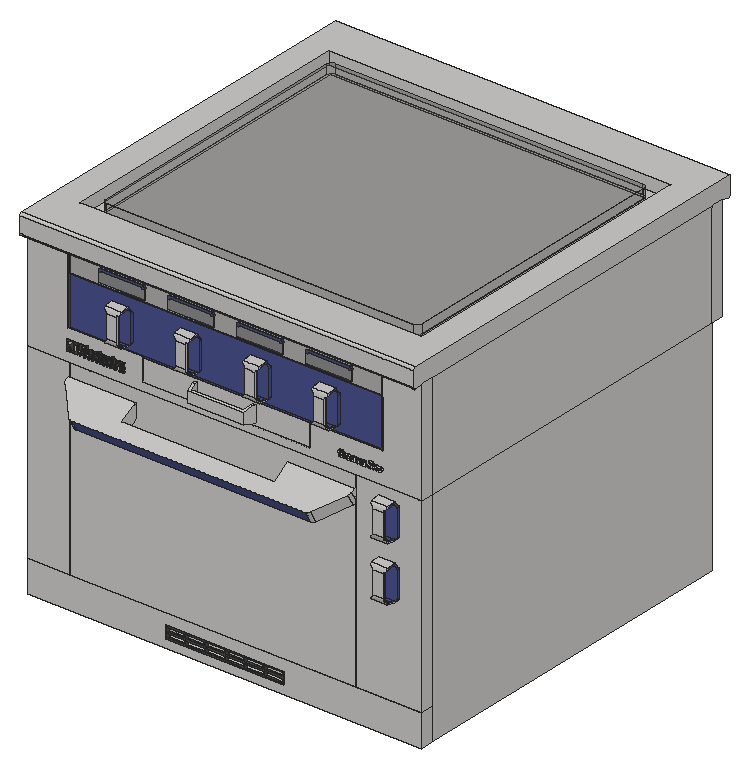
Revit family "QF_ELECTROLUXPROFESSIONAL_588414_MALMEAH8AO", category Attrezzature speciali, Revit 2020 (continued)
Definition of nested family "Front_Panel_W800_Four Knobs"
  Definition of nested family "ELX_Professional_Logo_Small"
    Forms (mm)
      Extrusion 2, solid, material <- "Material_Logo"
        sketch origin (15.5, 0, 0) x (1, 0, 0) y (0, 1, 0)
          loop
            spline (-26.936, -1.713) -> (-27.384, -1.691) -> (-27.805, -1.625) -> (-28.196, -1.518) -> (-28.556, -1.372) -> (-28.882, -1.187) -> (-29.174, -0.966) -> (-29.429, -0.71) -> (-29.645, -0.422) -> (-29.821, -0.102) -> (-29.955, 0.247) -> (-30.045, 0.623) -> (-30.089, 1.026)
            line (-30.089, 1.026) -> (-21.956, 1.026) -> (-21.915, 1.897)
          loop
            spline (-24.446, 2.769) -> (-24.47, 3.075) -> (-24.54, 3.37) -> (-24.654, 3.65) -> (-24.807, 3.913) -> (-24.996, 4.156) -> (-25.219, 4.376) -> (-25.472, 4.57) -> (-25.753, 4.736) -> (-26.057, 4.869) -> (-26.382, 4.968) -> (-26.724, 5.03) -> (-27.081, 5.051)
            spline (-27.081, 5.051) -> (-27.464, 5.03) -> (-27.832, 4.97) -> (-28.183, 4.872) -> (-28.513, 4.74) -> (-28.819, 4.577) -> (-29.099, 4.384) -> (-29.347, 4.165) -> (-29.563, 3.923) -> (-29.742, 3.659) -> (-29.881, 3.377) -> (-29.977, 3.079) -> (-30.027, 2.769)
            line (-30.027, 2.769) -> (-24.446, 2.769)
          loop
            spline (-18.167, 1.669) -> (-18.138, 2.13) -> (-18.055, 2.567) -> (-17.921, 2.978) -> (-17.739, 3.358) -> (-17.512, 3.705) -> (-17.243, 4.016) -> (-16.937, 4.287) -> (-16.596, 4.517) -> (-16.223, 4.7) -> (-15.823, 4.835) -> (-15.398, 4.919) -> (-14.951, 4.947)
            spline (-14.951, 4.947) -> (-14.677, 4.938) -> (-14.414, 4.913) -> (-14.162, 4.871) -> (-13.921, 4.812) -> (-13.69, 4.738) -> (-13.467, 4.649) -> (-13.254, 4.544) -> (-13.048, 4.424) -> (-12.85, 4.291) -> (-12.659, 4.143) -> (-12.474, 3.981) -> (-12.295, 3.806)
            line (-12.295, 3.806) -> (-10.76, 5.403)
            spline (-10.76, 5.403) -> (-11.065, 5.709) -> (-11.38, 5.984) -> (-11.703, 6.228) -> (-12.035, 6.443) -> (-12.375, 6.63) -> (-12.723, 6.788) -> (-13.078, 6.92) -> (-13.44, 7.026) -> (-13.809, 7.107) -> (-14.184, 7.164) -> (-14.564, 7.198) -> (-14.951, 7.209)
            spline (-14.951, 7.209) -> (-15.725, 7.161) -> (-16.467, 7.02) -> (-17.169, 6.792) -> (-17.826, 6.482) -> (-18.43, 6.096) -> (-18.976, 5.637) -> (-19.455, 5.112) -> (-19.862, 4.525) -> (-20.19, 3.882) -> (-20.433, 3.189) -> (-20.584, 2.449) -> (-20.635, 1.669)
            spline (-20.635, 1.669) -> (-20.584, 0.889) -> (-20.433, 0.149) -> (-20.19, -0.545) -> (-19.862, -1.187) -> (-19.455, -1.774) -> (-18.976, -2.299) -> (-18.43, -2.758) -> (-17.826, -3.145) -> (-17.169, -3.454) -> (-16.467, -3.682) -> (-15.725, -3.823) -> (-14.951, -3.871)
            spline (-14.951, -3.871) -> (-14.564, -3.86) -> (-14.184, -3.826) -> (-13.809, -3.77) -> (-13.44, -3.689) -> (-13.078, -3.583) -> (-12.723, -3.451) -> (-12.375, -3.292) -> (-12.035, -3.105) -> (-11.703, -2.89) -> (-11.38, -2.646) -> (-11.065, -2.371) -> (-10.76, -2.066)
            line (-10.76, -2.066) -> (-12.295, -0.468)
            spline (-12.295, -0.468) -> (-12.474, -0.643) -> (-12.659, -0.805) -> (-12.85, -0.953) -> (-13.048, -1.087) -> (-13.254, -1.206) -> (-13.467, -1.311) -> (-13.69, -1.4) -> (-13.921, -1.475) -> (-14.162, -1.533) -> (-14.414, -1.575) -> (-14.677, -1.6) -> (-14.951, -1.609)
            spline (-14.951, -1.609) -> (-15.398, -1.581) -> (-15.823, -1.497) -> (-16.223, -1.362) -> (-16.596, -1.179) -> (-16.937, -0.95) -> (-17.243, -0.678) -> (-17.512, -0.367) -> (-17.739, -0.02) -> (-17.921, 0.36) -> (-18.055, 0.771) -> (-18.138, 1.208) -> (-18.167, 1.669)
          loop
            spline (-4.441, -1.243) -> (-4.659, -1.247) -> (-4.894, -1.23) -> (-5.137, -1.19) -> (-5.384, -1.121) -> (-5.628, -1.021) -> (-5.864, -0.884) -> (-6.084, -0.708) -> (-6.283, -0.488) -> (-6.454, -0.219) -> (-6.592, 0.101) -> (-6.69, 0.478) -> (-6.742, 0.914)
            line (-6.742, 0.914) -> (-6.742, 4.587) -> (-4.487, 4.587) -> (-4.487, 6.838) -> (-6.738, 6.838) -> (-6.738, 10.824) -> (-9.217, 10.824) -> (-9.217, 0.773)
            spline (-9.217, 0.773) -> (-9.164, 0.19) -> (-9.068, -0.358) -> (-8.928, -0.87) -> (-8.742, -1.343) -> (-8.511, -1.777) -> (-8.232, -2.168) -> (-7.904, -2.515) -> (-7.527, -2.816) -> (-7.098, -3.069) -> (-6.618, -3.273) -> (-6.084, -3.426) -> (-5.496, -3.525)
            line (-5.496, -3.525) -> (-4.45, -3.573) -> (-4.441, -1.243)
          loop
            spline (3.898, 6.983) -> (3.469, 7.009) -> (3.056, 7.001) -> (2.661, 6.961) -> (2.283, 6.888) -> (1.925, 6.785) -> (1.588, 6.652) -> (1.272, 6.49) -> (0.979, 6.301) -> (0.71, 6.085) -> (0.465, 5.844) -> (0.247, 5.578) -> (0.056, 5.289)
            line (0.056, 5.289) -> (0.056, 6.838) -> (-2.402, 6.838) -> (-2.402, -3.572) -> (0.056, -3.572) -> (0.056, 1.901)
            spline (0.056, 1.901) -> (0.079, 2.316) -> (0.145, 2.703) -> (0.254, 3.06) -> (0.404, 3.386) -> (0.592, 3.679) -> (0.818, 3.938) -> (1.08, 4.162) -> (1.375, 4.348) -> (1.703, 4.495) -> (2.062, 4.602) -> (2.45, 4.668) -> (2.865, 4.69)
            line (2.865, 4.69) -> (3.898, 4.586) -> (3.898, 6.983)
          loop
            spline (15.638, 1.633) -> (15.586, 2.396) -> (15.435, 3.124) -> (15.192, 3.81) -> (14.863, 4.449) -> (14.455, 5.034) -> (13.975, 5.56) -> (13.43, 6.021) -> (12.826, 6.411) -> (12.17, 6.724) -> (11.469, 6.955) -> (10.729, 7.098) -> (9.958, 7.147)
            spline (9.958, 7.147) -> (9.182, 7.098) -> (8.44, 6.955) -> (7.737, 6.724) -> (7.081, 6.411) -> (6.477, 6.021) -> (5.933, 5.56) -> (5.454, 5.034) -> (5.048, 4.449) -> (4.721, 3.81) -> (4.479, 3.124) -> (4.329, 2.396) -> (4.277, 1.633)
            spline (4.277, 1.633) -> (4.329, 0.869) -> (4.479, 0.141) -> (4.721, -0.544) -> (5.048, -1.183) -> (5.454, -1.768) -> (5.933, -2.294) -> (6.477, -2.755) -> (7.081, -3.145) -> (7.737, -3.459) -> (8.44, -3.69) -> (9.182, -3.833) -> (9.958, -3.882)
            spline (9.958, -3.882) -> (10.729, -3.833) -> (11.469, -3.69) -> (12.17, -3.459) -> (12.826, -3.145) -> (13.43, -2.755) -> (13.975, -2.294) -> (14.455, -1.768) -> (14.863, -1.183) -> (15.192, -0.544) -> (15.435, 0.141) -> (15.586, 0.869) -> (15.638, 1.633)
          loop
            spline (13.18, 1.633) -> (13.151, 2.083) -> (13.067, 2.513) -> (12.932, 2.918) -> (12.748, 3.296) -> (12.52, 3.642) -> (12.251, 3.954) -> (11.943, 4.227) -> (11.601, 4.459) -> (11.228, 4.645) -> (10.828, 4.782) -> (10.403, 4.867) -> (9.958, 4.896)
            spline (9.958, 4.896) -> (9.509, 4.867) -> (9.081, 4.782) -> (8.679, 4.645) -> (8.306, 4.459) -> (7.964, 4.227) -> (7.658, 3.954) -> (7.39, 3.642) -> (7.163, 3.296) -> (6.981, 2.918) -> (6.847, 2.513) -> (6.765, 2.083) -> (6.736, 1.633)
            spline (6.736, 1.633) -> (6.765, 1.182) -> (6.847, 0.753) -> (6.981, 0.347) -> (7.163, -0.031) -> (7.39, -0.377) -> (7.658, -0.689) -> (7.964, -0.962) -> (8.306, -1.193) -> (8.679, -1.38) -> (9.081, -1.517) -> (9.509, -1.602) -> (9.958, -1.631)
            spline (9.958, -1.631) -> (10.403, -1.602) -> (10.828, -1.517) -> (11.228, -1.38) -> (11.601, -1.193) -> (11.943, -0.962) -> (12.251, -0.689) -> (12.52, -0.377) -> (12.748, -0.031) -> (12.932, 0.347) -> (13.067, 0.753) -> (13.151, 1.182) -> (13.18, 1.633)
          loop
            line (17.162, 4.269) -> (17.162, -3.573) -> (19.642, -3.573) -> (19.642, 10.824) -> (17.162, 10.824) -> (17.162, 4.269)
          loop
            line (28.581, 6.838) -> (28.581, 0.786)
            spline (28.581, 0.786) -> (28.561, 0.393) -> (28.503, 0.038) -> (28.409, -0.279) -> (28.281, -0.559) -> (28.122, -0.802) -> (27.933, -1.011) -> (27.717, -1.185) -> (27.476, -1.325) -> (27.213, -1.433) -> (26.929, -1.509) -> (26.626, -1.554) -> (26.308, -1.569)
            spline (26.308, -1.569) -> (25.99, -1.554) -> (25.688, -1.509) -> (25.404, -1.434) -> (25.141, -1.326) -> (24.9, -1.187) -> (24.684, -1.014) -> (24.496, -0.807) -> (24.336, -0.565) -> (24.209, -0.288) -> (24.115, 0.026) -> (24.057, 0.376) -> (24.037, 0.765)
            line (24.037, 0.765) -> (24.037, 6.838) -> (21.537, 6.838) -> (21.537, 0.558)
            spline (21.537, 0.558) -> (21.581, -0.153) -> (21.71, -0.8) -> (21.916, -1.384) -> (22.195, -1.904) -> (22.54, -2.362) -> (22.944, -2.757) -> (23.403, -3.09) -> (23.909, -3.362) -> (24.456, -3.572) -> (25.04, -3.722) -> (25.652, -3.811) -> (26.288, -3.841)
            spline (26.288, -3.841) -> (26.929, -3.811) -> (27.547, -3.72) -> (28.135, -3.568) -> (28.687, -3.355) -> (29.197, -3.079) -> (29.66, -2.741) -> (30.068, -2.341) -> (30.415, -1.877) -> (30.696, -1.349) -> (30.905, -0.757) -> (31.034, -0.101) -> (31.079, 0.621)
            line (31.079, 0.621) -> (31.079, 6.838) -> (28.581, 6.838)
          loop
            line (40.457, -0.243) -> (38.894, 1.942) -> (40.83, 4.579) -> (42.488, 6.837) -> (39.782, 6.837) -> (37.53, 3.719) -> (35.258, 6.837) -> (32.573, 6.837) -> (34.113, 4.731) -> (36.167, 1.922) -> (34.014, -1.076) -> (32.222, -3.573) -> (34.887, -3.573) -> (37.53, 0.104) -> (40.174, -3.573) -> (42.839, -3.573) -> (40.457, -0.243)
          loop
            line (-46.121, -5.837) -> (-48.039, -5.837) -> (-48.039, -10.814) -> (-47.016, -10.814) -> (-47.016, -9.128) -> (-46.121, -9.128)
            arc (-46.121, -9.128) -> (-44.476, -7.482) -> (-46.121, -5.837) r 1.645
          loop
            line (-46.163, -6.778) -> (-47.016, -6.778) -> (-47.016, -8.187) -> (-46.163, -8.187)
            arc (-46.163, -8.187) -> (-45.458, -7.482) -> (-46.163, -6.778) r 0.704
          loop
            line (-38.313, -5.837) -> (-40.265, -5.837) -> (-40.265, -10.814) -> (-39.241, -10.814) -> (-39.241, -9.1) -> (-38.46, -9.182) -> (-37.48, -10.814) -> (-36.318, -10.814) -> (-37.513, -8.848)
            arc (-37.513, -8.848) -> (-36.888, -8.266) -> (-36.671, -7.441) r 1.536
            arc (-36.671, -7.441) -> (-37.165, -6.305) -> (-38.313, -5.837) r 1.643
          loop
            arc (-38.402, -8.166) -> (-37.707, -7.505) -> (-38.334, -6.778) r 0.696
            line (-38.334, -6.778) -> (-39.241, -6.778) -> (-39.241, -8.166) -> (-38.402, -8.166)
          loop
            circle (-29.965, -8.325) r 2.585
          loop
            circle (-29.965, -8.325) r 1.64
          loop
            line (-23.1, -5.837) -> (-23.1, -10.814) -> (-22.076, -10.814) -> (-22.076, -8.768) -> (-20.204, -8.768) -> (-20.204, -7.828) -> (-22.076, -7.828) -> (-22.076, -6.778) -> (-20.024, -6.778) -> (-20.024, -5.837) -> (-23.1, -5.837)
          loop
            line (-15.802, -5.837) -> (-15.802, -9.2)
            arc (-15.802, -9.2) -> (-15.343, -10.34) -> (-14.209, -10.814) r 1.593
            line (-14.209, -10.814) -> (-12.602, -10.814) -> (-12.602, -10.027) -> (-14.004, -10.027)
            arc (-14.004, -10.027) -> (-14.552, -9.8) -> (-14.779, -9.252) r 0.775
            line (-14.779, -9.252) -> (-14.779, -8.424) -> (-12.789, -8.424) -> (-12.789, -7.642) -> (-14.779, -7.642) -> (-14.779, -6.778) -> (-12.651, -6.778) -> (-12.651, -5.837) -> (-15.802, -5.837)
          loop
            line (-5.909, -7.143) -> (-5.173, -6.638)
            arc (-5.173, -6.638) -> (-5.855, -5.974) -> (-6.781, -5.755) r 1.782
            arc (-6.781, -5.755) -> (-7.397, -5.878) -> (-7.944, -6.189) r 1.974
            arc (-7.944, -6.189) -> (-8.202, -6.5) -> (-8.317, -6.888) r 1.013
            arc (-8.317, -6.888) -> (-8.306, -7.341) -> (-8.192, -7.78) r 1.985
            arc (-8.192, -7.78) -> (-7.749, -8.259) -> (-7.171, -8.563) r 1.928
            arc (-7.171, -8.563) -> (-6.637, -8.779) -> (-6.131, -9.056) r 5.041
            arc (-6.131, -9.056) -> (-5.934, -9.387) -> (-6.09, -9.74) r 0.42
            arc (-6.09, -9.74) -> (-6.631, -9.96) -> (-7.204, -9.845) r 1.016
            arc (-7.204, -9.845) -> (-7.625, -9.603) -> (-7.889, -9.196) r 1.033
            line (-7.889, -9.196) -> (-8.67, -9.686)
            arc (-8.67, -9.686) -> (-8.361, -10.198) -> (-7.908, -10.589) r 1.914
            arc (-7.908, -10.589) -> (-7.334, -10.834) -> (-6.714, -10.896) r 2.063
            arc (-6.714, -10.896) -> (-5.947, -10.743) -> (-5.256, -10.376) r 2.696
            arc (-5.256, -10.376) -> (-4.95, -9.565) -> (-5.108, -8.712) r 1.618
            arc (-5.108, -8.712) -> (-5.448, -8.319) -> (-5.884, -8.035) r 1.876
            arc (-5.884, -8.035) -> (-6.434, -7.789) -> (-6.999, -7.577) r 9.883
            arc (-6.999, -7.577) -> (-7.325, -7.07) -> (-6.854, -6.694) r 0.45
            arc (-6.854, -6.694) -> (-6.329, -6.809) -> (-5.909, -7.143) r 1.197
          loop
            line (1.61, -7.143) -> (2.345, -6.638)
            arc (2.345, -6.638) -> (1.663, -5.974) -> (0.737, -5.755) r 1.782
            arc (0.737, -5.755) -> (0.121, -5.878) -> (-0.425, -6.189) r 1.974
            arc (-0.425, -6.189) -> (-0.683, -6.5) -> (-0.799, -6.888) r 1.013
            arc (-0.799, -6.888) -> (-0.788, -7.341) -> (-0.674, -7.78) r 1.985
            arc (-0.674, -7.78) -> (-0.231, -8.259) -> (0.347, -8.563) r 1.928
            arc (0.347, -8.563) -> (0.881, -8.779) -> (1.387, -9.056) r 5.041
            arc (1.387, -9.056) -> (1.584, -9.387) -> (1.428, -9.74) r 0.42
            arc (1.428, -9.74) -> (0.887, -9.96) -> (0.314, -9.845) r 1.016
            arc (0.314, -9.845) -> (-0.107, -9.603) -> (-0.371, -9.196) r 1.033
            line (-0.371, -9.196) -> (-1.152, -9.686)
            arc (-1.152, -9.686) -> (-0.842, -10.198) -> (-0.39, -10.589) r 1.914
            arc (-0.39, -10.589) -> (0.184, -10.834) -> (0.804, -10.896) r 2.063
            arc (0.804, -10.896) -> (1.572, -10.743) -> (2.263, -10.376) r 2.696
            arc (2.263, -10.376) -> (2.568, -9.565) -> (2.411, -8.712) r 1.618
            arc (2.411, -8.712) -> (2.07, -8.319) -> (1.635, -8.035) r 1.876
            arc (1.635, -8.035) -> (1.084, -7.789) -> (0.519, -7.577) r 9.883
            arc (0.519, -7.577) -> (0.193, -7.07) -> (0.665, -6.694) r 0.45
            arc (0.665, -6.694) -> (1.189, -6.809) -> (1.61, -7.143) r 1.197
          loop
            line (6.801, -5.837) -> (6.801, -10.814) -> (7.825, -10.814) -> (7.825, -5.837) -> (6.801, -5.837)
          loop
            circle (14.724, -8.325) r 1.548
          loop
            circle (14.724, -8.325) r 2.585
          loop
            line (21.59, -10.814) -> (22.623, -10.814) -> (22.623, -7.685) -> (24.9, -10.814) -> (25.895, -10.814) -> (25.895, -5.837) -> (24.861, -5.837) -> (24.861, -9.061) -> (22.585, -5.837) -> (21.59, -5.837) -> (21.59, -10.814)
          loop
            line (31.054, -10.814) -> (31.539, -9.74) -> (33.38, -9.74) -> (33.865, -10.814) -> (34.965, -10.814) -> (32.46, -5.837) -> (29.956, -10.814) -> (31.054, -10.814)
          loop
            line (32.46, -7.698) -> (31.999, -8.719) -> (32.921, -8.719) -> (32.46, -7.698)
          loop
            line (40.047, -9.873) -> (40.047, -5.837) -> (39.024, -5.837) -> (39.024, -10.814) -> (41.961, -10.814) -> (41.961, -9.873) -> (40.047, -9.873)
          loop
            line (-74.986, -10.814) -> (-53.322, -10.814) -> (-53.322, 10.82) -> (-74.986, 10.82) -> (-74.986, -10.814)
          loop
            line (-61.261, 9.758) -> (-61.261, -9.707)
            arc (-61.261, -9.707) -> (-54.066, 0.025) -> (-61.261, 9.758) r 10.18
          loop
            line (-62.251, 8.349) -> (-62.251, 9.758)
            arc (-62.251, 9.758) -> (-70.347, 7.918) -> (-74.247, 0.59) r 9.976
            line (-74.247, 0.59) -> (-71.026, 0.59)
            arc (-71.026, 0.59) -> (-65.274, 2.925) -> (-62.251, 8.349) r 9.351
          loop
            arc (-74.247, -0.539) -> (-70.353, -7.928) -> (-62.251, -9.957) r 10.237
            line (-62.251, -9.957) -> (-62.251, -8.298)
            arc (-62.251, -8.298) -> (-65.274, -2.874) -> (-71.026, -0.539) r 9.351
            line (-71.026, -0.539) -> (-74.247, -0.539)
        from 0 to 1.644
    Dimensions and locks
      aligned and locked: plane 2 to Extrusion 1
      aligned and locked: level to Extrusion 1
